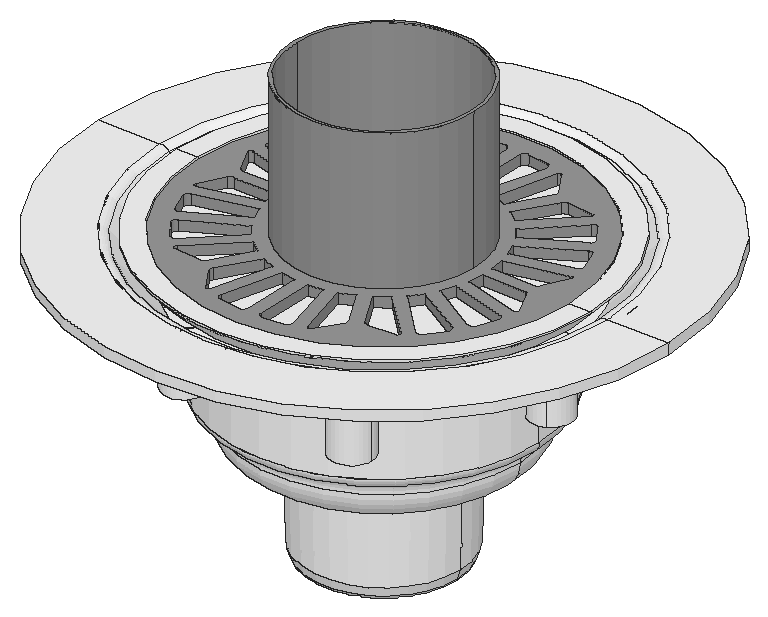
Revit family "3100.109 Down Pipe Junction", category Plumbing Fixtures, Revit 2016
Family settings
  Part Type = Normal
  Round Connector Dimension = Use Diameter
  OmniClass Number = 23.45.00.00
  Work Plane-Based = No
  Always vertical = Yes
  Cut with Voids When Loaded = No
  Shared = No
  Room Calculation Point = No
Parameters (values of type "65x65")
  Waste Connection = yes
  Vent Connection = no
  URL = "www.aquaknight.co.nz"
  Phone = "+6498322214"  # constant formula
  Model = "3000.109"
  Manufacturer = "Aquanight Industries Ltd"  # constant formula
  HW Connection = no
  Email = "info@aquaknight.co.nz"  # constant formula
  Description = "DownPipe Junction 65x65 vented"
  Connector Diameter = 65 mm
  CW Connection = no
Reference planes
  plane 1 "Center (Front/Back)": y = 0
  plane 2: z = 0
  plane 3 "Center (Left/Right)": x = 0
  plane 4: z = -95
Forms (mm)
  Revolve 1, solid, material "Plastic, Glossy White"
    sketch origin (0, 0, -4) x (1, 0, 0) y (0, 0, 1)
      loop
        line (72.739, -12.5) -> (58.75, -12.5) -> (58.418, -50.494)
        arc (58.418, -50.494) -> (53.232, -54.057) -> (51.2, -60.012) r 10
        arc (51.2, -60.012) -> (48.906, -65.55) -> (43.41, -67.94) r 8
        line (43.41, -67.94) -> (33.742, -68.193)
        arc (33.742, -68.193) -> (29.658, -69.946) -> (27.901, -74.028) r 6
        line (27.901, -74.028) -> (26.87, -112.137) -> (28.37, -112.137)
        arc (28.37, -112.137) -> (29.252, -111.85) -> (29.797, -111.1) r 1.5
        line (29.797, -111.1) -> (31, -107.397) -> (31.9, -74.137)
        arc (31.9, -74.137) -> (32.486, -72.776) -> (33.847, -72.191) r 2
        line (33.847, -72.191) -> (43.515, -71.938)
        arc (43.515, -71.938) -> (51.759, -68.353) -> (55.2, -60.047) r 12
        arc (55.2, -60.047) -> (56.482, -56.392) -> (59.73, -54.282) r 6
        arc (59.73, -54.282) -> (61.906, -52.862) -> (62.75, -50.404) r 4
        line (62.75, -50.404) -> (62.75, -19.5) -> (74.07, -19.5)
        arc (74.07, -19.5) -> (76.898, -18.328) -> (78.07, -15.5) r 4
        line (78.07, -15.5) -> (78.07, -13.633)
        arc (78.07, -13.633) -> (78.244, -12.717) -> (78.742, -11.928) r 2.5
        line (78.742, -11.928) -> (89.123, -0.795)
        arc (89.123, -0.795) -> (89.955, -0.207) -> (90.951, 0) r 2.5
        line (90.951, 0) -> (115, 0) -> (115, 4) -> (90.299, 4)
        arc (90.299, 4) -> (88.306, 3.585) -> (86.643, 2.41) r 5
        line (86.643, 2.41) -> (72.739, -12.5)
      loop
        line (36.5, -4.5) -> (75.5, -4.5) -> (83.653, 3.653) -> (83.653, 4.5) -> (75.25, 4.5) -> (75.25, 0.056) -> (36.5, 0.056) -> (36.5, -4.5)
      axis (0, 4.5) -> (0, -112.137)
    angle from 0 to 360
  Extrusion 2, solid, material "Plastic, Glossy White", detail levels fine
    sketch origin (0, 0, -4) x (1, 0, 0) y (0, 1, 0)
      loop
        circle (67.55, 0) r 8.2
      loop
        circle (33.775, 58.5) r 8.2
      loop
        circle (33.775, -58.5) r 8.2
      loop
        circle (-67.55, 0) r 8.2
      loop
        circle (-33.775, 58.5) r 8.2
      loop
        circle (-33.775, -58.5) r 8.2
    from -38.379 to -12.5
  Extrusion 3, solid, material "Stainless Steel", detail levels medium+fine
    sketch origin (0, -279.02, 0) x (1, 0, 0) y (0, 1, 0)
      loop
        circle (0, 279.02) r 75.25
      loop
        arc (-48.082, 323.341) -> (-49.566, 323.922) -> (-51.004, 323.234) r 2
        arc (-51.004, 323.234) -> (-53.647, 319.987) -> (-56.083, 316.583) r 67.5
        arc (-56.083, 316.583) -> (-56.369, 315.014) -> (-55.417, 313.735) r 2
        line (-55.417, 313.735) -> (-34.892, 301.946)
        arc (-34.892, 301.946) -> (-33.181, 304.359) -> (-31.304, 306.645) r 41.75
        line (-31.304, 306.645) -> (-48.082, 323.341)
      loop
        arc (-57.908, 309.4) -> (-59.492, 309.577) -> (-60.703, 308.54) r 2
        arc (-60.703, 308.54) -> (-62.416, 304.721) -> (-63.889, 300.802) r 67.5
        arc (-63.889, 300.802) -> (-63.759, 299.213) -> (-62.51, 298.224) r 2
        line (-62.51, 298.224) -> (-39.634, 292.143)
        arc (-39.634, 292.143) -> (-38.605, 294.916) -> (-37.383, 297.61) r 41.75
        line (-37.383, 297.61) -> (-57.908, 309.4)
      loop
        arc (-64.248, 293.512) -> (-65.282, 293.177) -> (-65.398, 292.096) r 1
        line (-65.398, 292.096) -> (-60.556, 282.49)
        arc (-60.556, 282.49) -> (-59.817, 281.686) -> (-58.765, 281.39) r 2
        line (-58.765, 281.39) -> (-41.68, 281.428)
        arc (-41.68, 281.428) -> (-41.404, 284.383) -> (-40.919, 287.311) r 41.75
        line (-40.919, 287.311) -> (-64.248, 293.512)
      loop
        arc (-19.573, 341.906) -> (-20.38, 342.634) -> (-21.375, 342.195) r 1
        line (-21.375, 342.195) -> (-27.273, 333.198)
        arc (-27.273, 333.198) -> (-27.599, 332.156) -> (-27.33, 331.098) r 2
        line (-27.33, 331.098) -> (-18.755, 316.32)
        arc (-18.755, 316.32) -> (-16.058, 317.559) -> (-13.279, 318.602) r 41.75
        line (-13.279, 318.602) -> (-19.573, 341.906)
      loop
        arc (-8.452, 319.906) -> (-5.536, 320.401) -> (-2.592, 320.69) r 41.75
        line (-2.592, 320.69) -> (-2.644, 344.36)
        arc (-2.644, 344.36) -> (-3.283, 345.82) -> (-4.786, 346.35) r 2
        arc (-4.786, 346.35) -> (-8.951, 345.924) -> (-13.081, 345.241) r 67.5
        arc (-13.081, 345.241) -> (-14.392, 344.334) -> (-14.624, 342.757) r 2
        line (-14.624, 342.757) -> (-8.452, 319.906)
      loop
        line (-45.127, 327.077) -> (-28.017, 310.05)
        arc (-28.017, 310.05) -> (-25.733, 311.944) -> (-23.319, 313.672) r 41.75
        line (-23.319, 313.672) -> (-31.895, 328.449)
        arc (-31.895, 328.449) -> (-32.68, 329.208) -> (-33.747, 329.441) r 2
        line (-33.747, 329.441) -> (-44.484, 328.785)
        arc (-44.484, 328.785) -> (-45.359, 328.139) -> (-45.127, 327.077) r 1
      loop
        line (48.082, 323.341) -> (31.304, 306.645)
        arc (31.304, 306.645) -> (33.181, 304.359) -> (34.892, 301.946) r 41.75
        line (34.892, 301.946) -> (55.417, 313.735)
        arc (55.417, 313.735) -> (56.369, 315.014) -> (56.083, 316.583) r 2
        arc (56.083, 316.583) -> (53.647, 319.987) -> (51.004, 323.234) r 67.5
        arc (51.004, 323.234) -> (49.566, 323.922) -> (48.082, 323.341) r 2
      loop
        line (57.908, 309.4) -> (37.383, 297.61)
        arc (37.383, 297.61) -> (38.605, 294.916) -> (39.634, 292.143) r 41.75
        line (39.634, 292.143) -> (62.51, 298.224)
        arc (62.51, 298.224) -> (63.759, 299.213) -> (63.889, 300.802) r 2
        arc (63.889, 300.802) -> (62.416, 304.721) -> (60.703, 308.54) r 67.5
        arc (60.703, 308.54) -> (59.492, 309.577) -> (57.908, 309.4) r 2
      loop
        line (64.248, 293.512) -> (40.919, 287.311)
        arc (40.919, 287.311) -> (41.404, 284.383) -> (41.68, 281.428) r 41.75
        line (41.68, 281.428) -> (58.765, 281.39)
        arc (58.765, 281.39) -> (59.817, 281.686) -> (60.556, 282.49) r 2
        line (60.556, 282.49) -> (65.398, 292.096)
        arc (65.398, 292.096) -> (65.282, 293.177) -> (64.248, 293.512) r 1
      loop
        line (19.573, 341.906) -> (13.279, 318.602)
        arc (13.279, 318.602) -> (16.058, 317.559) -> (18.755, 316.32) r 41.75
        line (18.755, 316.32) -> (27.33, 331.098)
        arc (27.33, 331.098) -> (27.599, 332.156) -> (27.273, 333.198) r 2
        line (27.273, 333.198) -> (21.375, 342.195)
        arc (21.375, 342.195) -> (20.38, 342.634) -> (19.573, 341.906) r 1
      loop
        line (8.452, 319.906) -> (14.624, 342.757)
        arc (14.624, 342.757) -> (14.392, 344.334) -> (13.081, 345.241) r 2
        arc (13.081, 345.241) -> (8.951, 345.924) -> (4.786, 346.35) r 67.5
        arc (4.786, 346.35) -> (3.283, 345.82) -> (2.644, 344.36) r 2
        line (2.644, 344.36) -> (2.592, 320.69)
        arc (2.592, 320.69) -> (5.536, 320.401) -> (8.452, 319.906) r 41.75
      loop
        arc (45.127, 327.077) -> (45.359, 328.139) -> (44.484, 328.785) r 1
        line (44.484, 328.785) -> (33.747, 329.441)
        arc (33.747, 329.441) -> (32.68, 329.208) -> (31.895, 328.449) r 2
        line (31.895, 328.449) -> (23.319, 313.672)
        arc (23.319, 313.672) -> (25.733, 311.944) -> (28.017, 310.05) r 41.75
        line (28.017, 310.05) -> (45.127, 327.077)
      loop
        line (-48.082, 234.699) -> (-31.304, 251.395)
        arc (-31.304, 251.395) -> (-33.181, 253.681) -> (-34.892, 256.094) r 41.75
        line (-34.892, 256.094) -> (-55.417, 244.305)
        arc (-55.417, 244.305) -> (-56.369, 243.026) -> (-56.083, 241.457) r 2
        arc (-56.083, 241.457) -> (-53.647, 238.053) -> (-51.004, 234.806) r 67.5
        arc (-51.004, 234.806) -> (-49.566, 234.118) -> (-48.082, 234.699) r 2
      loop
        line (-57.908, 248.64) -> (-37.383, 260.43)
        arc (-37.383, 260.43) -> (-38.605, 263.124) -> (-39.634, 265.897) r 41.75
        line (-39.634, 265.897) -> (-62.51, 259.816)
        arc (-62.51, 259.816) -> (-63.759, 258.827) -> (-63.889, 257.238) r 2
        arc (-63.889, 257.238) -> (-62.416, 253.319) -> (-60.703, 249.5) r 67.5
        arc (-60.703, 249.5) -> (-59.492, 248.463) -> (-57.908, 248.64) r 2
      loop
        line (-64.248, 264.528) -> (-40.919, 270.729)
        arc (-40.919, 270.729) -> (-41.404, 273.657) -> (-41.68, 276.612) r 41.75
        line (-41.68, 276.612) -> (-58.765, 276.65)
        arc (-58.765, 276.65) -> (-59.817, 276.354) -> (-60.556, 275.55) r 2
        line (-60.556, 275.55) -> (-65.398, 265.944)
        arc (-65.398, 265.944) -> (-65.282, 264.863) -> (-64.248, 264.528) r 1
      loop
        line (-19.573, 216.134) -> (-13.279, 239.438)
        arc (-13.279, 239.438) -> (-16.058, 240.482) -> (-18.755, 241.72) r 41.75
        line (-18.755, 241.72) -> (-27.33, 226.943)
        arc (-27.33, 226.943) -> (-27.599, 225.884) -> (-27.273, 224.842) r 2
        line (-27.273, 224.842) -> (-21.375, 215.845)
        arc (-21.375, 215.845) -> (-20.38, 215.406) -> (-19.573, 216.134) r 1
      loop
        line (-8.452, 238.135) -> (-14.624, 215.283)
        arc (-14.624, 215.283) -> (-14.392, 213.706) -> (-13.081, 212.8) r 2
        arc (-13.081, 212.8) -> (-8.951, 212.116) -> (-4.786, 211.69) r 67.5
        arc (-4.786, 211.69) -> (-3.283, 212.22) -> (-2.644, 213.68) r 2
        line (-2.644, 213.68) -> (-2.592, 237.351)
        arc (-2.592, 237.351) -> (-5.536, 237.639) -> (-8.452, 238.135) r 41.75
      loop
        arc (-45.127, 230.963) -> (-45.359, 229.901) -> (-44.484, 229.255) r 1
        line (-44.484, 229.255) -> (-33.747, 228.599)
        arc (-33.747, 228.599) -> (-32.68, 228.832) -> (-31.895, 229.591) r 2
        line (-31.895, 229.591) -> (-23.319, 244.368)
        arc (-23.319, 244.368) -> (-25.733, 246.096) -> (-28.017, 247.99) r 41.75
        line (-28.017, 247.99) -> (-45.127, 230.963)
      loop
        arc (48.082, 234.699) -> (49.566, 234.118) -> (51.004, 234.806) r 2
        arc (51.004, 234.806) -> (53.647, 238.053) -> (56.083, 241.457) r 67.5
        arc (56.083, 241.457) -> (56.369, 243.026) -> (55.417, 244.305) r 2
        line (55.417, 244.305) -> (34.892, 256.094)
        arc (34.892, 256.094) -> (33.181, 253.681) -> (31.304, 251.395) r 41.75
        line (31.304, 251.395) -> (48.082, 234.699)
      loop
        arc (57.908, 248.64) -> (59.492, 248.463) -> (60.703, 249.5) r 2
        arc (60.703, 249.5) -> (62.416, 253.319) -> (63.889, 257.238) r 67.5
        arc (63.889, 257.238) -> (63.759, 258.827) -> (62.51, 259.816) r 2
        line (62.51, 259.816) -> (39.634, 265.897)
        arc (39.634, 265.897) -> (38.605, 263.124) -> (37.383, 260.43) r 41.75
        line (37.383, 260.43) -> (57.908, 248.64)
      loop
        arc (64.248, 264.528) -> (65.282, 264.863) -> (65.398, 265.944) r 1
        line (65.398, 265.944) -> (60.556, 275.55)
        arc (60.556, 275.55) -> (59.817, 276.354) -> (58.765, 276.65) r 2
        line (58.765, 276.65) -> (41.68, 276.612)
        arc (41.68, 276.612) -> (41.404, 273.657) -> (40.919, 270.729) r 41.75
        line (40.919, 270.729) -> (64.248, 264.528)
      loop
        arc (19.573, 216.134) -> (20.38, 215.406) -> (21.375, 215.845) r 1
        line (21.375, 215.845) -> (27.273, 224.842)
        arc (27.273, 224.842) -> (27.599, 225.884) -> (27.33, 226.943) r 2
        line (27.33, 226.943) -> (18.755, 241.72)
        arc (18.755, 241.72) -> (16.058, 240.482) -> (13.279, 239.438) r 41.75
        line (13.279, 239.438) -> (19.573, 216.134)
      loop
        arc (8.452, 238.135) -> (5.536, 237.639) -> (2.592, 237.351) r 41.75
        line (2.592, 237.351) -> (2.644, 213.68)
        arc (2.644, 213.68) -> (3.283, 212.22) -> (4.786, 211.69) r 2
        arc (4.786, 211.69) -> (8.951, 212.116) -> (13.081, 212.8) r 67.5
        arc (13.081, 212.8) -> (14.392, 213.706) -> (14.624, 215.283) r 2
        line (14.624, 215.283) -> (8.452, 238.135)
      loop
        line (45.127, 230.963) -> (28.017, 247.99)
        arc (28.017, 247.99) -> (25.733, 246.096) -> (23.319, 244.368) r 41.75
        line (23.319, 244.368) -> (31.895, 229.591)
        arc (31.895, 229.591) -> (32.68, 228.832) -> (33.747, 228.599) r 2
        line (33.747, 228.599) -> (44.484, 229.255)
        arc (44.484, 229.255) -> (45.359, 229.901) -> (45.127, 230.963) r 1
      loop
        circle (0, 279.02) r 36.5
    from -4 to 0
  Extrusion 4, solid, material "Stainless Steel"
    sketch origin (0, 0, 0) x (1, 0, 0) y (0, 1, 0)
      loop
        circle (0, 0) r 35.3
      loop
        circle (0, 0) r 36.5
    from -14 to 56
Lines and regions (mm)
  model lines, detail levels fine
    curve 1: circle (53.5, 92.665, 0) r 4.5 normal (0, 0, 1)
    curve 2: circle (107, 0, 0) r 4.5 normal (0, 0, -1)
    curve 3: circle (53.5, -92.665, 0) r 4.5 normal (0, 0, -1)
    curve 4: circle (-53.5, 92.665, 0) r 4.5 normal (0, 0, -1)
    curve 5: circle (-107, 0, 0) r 4.5 normal (0, 0, 1)
    curve 6: circle (-53.5, -92.665, 0) r 4.5 normal (0, 0, 1)
Dimensions and locks
  locked: level to plane 4 at 95
  locked: connector elem to plane 1 "Center (Front/Back)" at 0
  locked: connector elem to plane 3 "Center (Left/Right)" at 0
  aligned and locked: level to plane 2
Connectors
  piping at (0, 0, -95), diameter 65, driven by "Connector Diameter"
    settings: on plane 4, index 1, connector inside diameter 609.6 mm, connector length 0 mm, flow factor 0, pipe flow 0.0 L/s, pressure drop 0.0 Pa, fitting loss kfactor 0, connector angle 0.00°, fixture units 0, engagement length 0 mm, angle of deflection 0.00°, flow configuration 0, flow direction 0, fitting loss method 0, system type 28, joint type 0, gender type 0, connector reference index -1, connector utility 0, adjustable connector no, is connector primary yes, connector description ""
